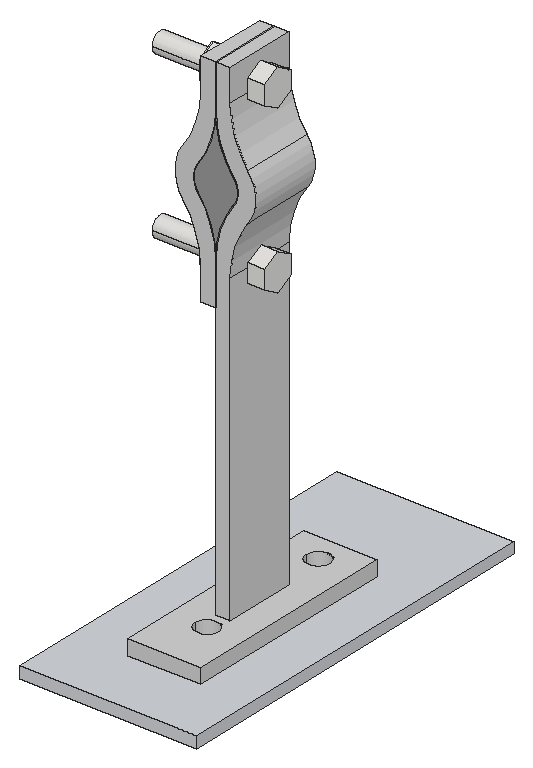
Revit family "КТС-Т015-33", category Оборудование, Revit 2018
Family settings
  Основа = Грань
  Размер круглого соединителя = Использовать диаметр
  Классификация = Нет
  Тип детали = Нормальный
  Номер OmniClass = 23.55.00.00
  Заголовок OmniClass = Manufactured Structures
  При загрузке вырезать с полостями = Нет
  Общий = Да
  Точка расчета площади = Нет
Parameters (values of type "Т001515")
  Спец.ТипМаркаОбозначДокумента [instance] = "КТ-Т015-33"
  Спец.Примечание [instance] = ""
  Спец.Позиция [instance] = ""
  Спец.НаименованиеИТехнХар [instance] = "KT-Т015-33 Кронштейн L-0.28 м для молниеприемников d-28-33 мм, нержавеющая сталь"
  Спец.МассаТекст [instance] = "1.37"
  Спец.КоличествоДеталей [instance] = 5  # constant formula
  Спец.Количество [instance] = 1  # constant formula
  Спец.КодОборудИзделияМатериала [instance] = "Т001515"
  Спец.Изготовитель [instance] = "АО «ТЭЗИЗ»"  # constant formula
  Спец.ЕдИзм [instance] = "шт."  # constant formula
  Default Elevation = 1219.2 mm
  Мтрл.ТипМатериала = Нержавеющая сталь
  ADSK_Этаж = ""
  ADSK_Примечание = ""
  ADSK_Материал обозначение = ""
  ADSK_Марка = ""
  ADSK_Зона = ""
  ADSK_URL страницы изделия = "http://www.teziz.ru/products.phtml?id=1320"
  ADSK_URL документации изделия = "http://www.teziz.ru/products.phtml?id=1320&p=2"
Types (3, lengths in mm): name | Спец.ТипМаркаОбозначДокумента | Спец.НаименованиеИТехнХар | Спец.МассаТекст | Спец.КодОборудИзделияМатериала | Мтрл.ТипМатериала
  (no name) | "КТ-Т015-33" | "KT-Т015-33 Кронштейн L-0.28 м для молниеприемников d-28-33 мм, нержавеющая сталь" | "1.37" | "Т001515" | Нержавеющая сталь
  Т001515 | "КТ-Т015-33" | "KT-Т015-33 Кронштейн L-0.28 м для молниеприемников d-28-33 мм, нержавеющая сталь" | "1.37" | "Т001515" | Нержавеющая сталь
  Т001532 | "КТС-Т015-33" | "KTС-Т015-33 Кронштейн L-0.28 м для молниеприемников d-28-33 мм, оцинкованная сталь" | "1.45" | "Т001532" | Оцинкованная сталь
Reference planes
  plane 1 "По центру (Вперед/Назад)": y = 0
  plane 2: z = 0
  plane 3 "По центру (Влево/Вправо)": x = 0
  plane 4: x = -20
  plane 5: x = 20
  plane 6: y = 60
  plane 7: y = -60
  plane 8: z = 8
  plane 9: y = 20
  plane 10: y = -20
  plane 11: x = -4
  plane 12: x = 4
  plane 13: x = -50
Forms (mm)
  Extrusion 1, solid
    sketch origin (0, 0, 0) x (1, 0, 0) y (0, 1, 0)
      loop
        line (-50, 120) -> (-50, -95.918) -> (46.652, -95.918) -> (46.652, 120) -> (-50, 120)
    from 0 to -6.18
  Extrusion 2, solid, material "Нержавеющая сталь"
    sketch origin (0, 0, 0) x (1, 0, 0) y (0, 1, 0)
      loop
        line (-20, 60) -> (-20, -60) -> (20, -60) -> (20, 60) -> (-20, 60)
      loop
        circle (0, 45) r 6.5
      loop
        circle (0, -30.784) r 6.5
    from 0 to 8
  Extrusion 3, solid, material "Нержавеющая сталь"
    sketch origin (59.175, 0, -6.042) x (1, 0, 0) y (0, 0, 1)
      loop
        line (-63.175, 284.042) -> (-71.175, 284.042) -> (-71.175, 266.704)
        arc (-71.175, 266.704) -> (-73.668, 251.113) -> (-80.898, 237.078) r 50
        arc (-80.898, 237.078) -> (-85.175, 224.042) -> (-80.898, 211.007) r 22
        arc (-80.898, 211.007) -> (-73.668, 196.971) -> (-71.175, 181.381) r 50
        line (-71.175, 181.381) -> (-71.175, 164.042) -> (-63.175, 164.042) -> (-63.175, 187.382)
        arc (-63.175, 187.382) -> (-65.656, 202.936) -> (-72.853, 216.947) r 50
        arc (-72.853, 216.947) -> (-75.175, 224.042) -> (-72.853, 231.138) r 12
        arc (-72.853, 231.138) -> (-65.656, 245.148) -> (-63.175, 260.703) r 50
        line (-63.175, 260.703) -> (-63.175, 284.042)
    from -20 to 20
  Extrusion 4, solid, material "Нержавеющая сталь"
    sketch origin (-23.175, 0, 5.958) x (-1, 0, 0) y (0, 0, -1)
      loop
        line (-19.175, -272.042) -> (-19.175, -248.703)
        arc (-19.175, -248.703) -> (-21.656, -233.148) -> (-28.853, -219.138) r 50
        arc (-28.853, -219.138) -> (-31.175, -212.042) -> (-28.853, -204.947) r 12
        arc (-28.853, -204.947) -> (-21.656, -190.936) -> (-19.175, -175.382) r 50
        line (-19.175, -175.382) -> (-19.175, -2.042) -> (-27.175, -2.042) -> (-27.175, -169.381)
        arc (-27.175, -169.381) -> (-29.668, -184.971) -> (-36.898, -199.007) r 50
        arc (-36.898, -199.007) -> (-41.175, -212.042) -> (-36.898, -225.078) r 22
        arc (-36.898, -225.078) -> (-29.668, -239.113) -> (-27.175, -254.704) r 50
        line (-27.175, -254.704) -> (-27.175, -272.042) -> (-19.175, -272.042)
    from -20 to 20
  Extrusion 5, void
    sketch origin (0, 0, 0) x (0, 1, 0) y (0, 0, 1)
      loop
        circle (0, 263) r 5.5
      loop
        circle (0, 173) r 5.5
    from -20 to 20
  Extrusion 6, solid, material "Сталь болтовая"
    sketch origin (0, 0, 0) x (0, 1, 0) y (0, 0, 1)
      loop
        circle (0, 263) r 5.5
      loop
        circle (0, 173) r 5.5
    from -50 to 4
  Extrusion 7, solid, material "Сталь болтовая"
    sketch origin (0, 0, 0) x (0, 1, 0) y (0, 0, 1)
      loop
        line (0, 253) -> (8.66, 258) -> (8.66, 268) -> (0, 273) -> (-8.66, 268) -> (-8.66, 258) -> (0, 253)
      loop
        circle (0, 263) r 5.5
      loop
        line (0, 163) -> (8.66, 168) -> (8.66, 178) -> (0, 183) -> (-8.66, 178) -> (-8.66, 168) -> (0, 163)
      loop
        circle (0, 173) r 5.5
    from -22.24 to -12
  Extrusion 8, solid, material "Сталь болтовая"
    sketch origin (50.953, 0, 0) x (0, 1, 0) y (0, 0, 1)
      loop
        line (0, 253) -> (8.66, 258) -> (8.66, 268) -> (0, 273) -> (-8.66, 268) -> (-8.66, 258) -> (0, 253)
      loop
        line (0, 163) -> (8.66, 168) -> (8.66, 178) -> (0, 183) -> (-8.66, 178) -> (-8.66, 168) -> (0, 163)
    from -46.953 to -36.953
  Sweep 9, void
    path origin (-22.24, 0, 0) x (0, 1, 0) y (0, 0, 1)
      loop
        line (-8.66, 268) -> (-8.66, 258) -> (0, 253) -> (8.66, 258) -> (8.66, 268) -> (0, 273) -> (-8.66, 268)
    profile origin (-22.24, -8.66, 263) x (0, -1, 0) y (1, 0, 0)
      loop
        line (-1.252, 0) -> (0, 0) -> (0, 1.252)
        arc (0, 1.252) -> (-0.367, 0.367) -> (-1.252, 0) r 1.252
  Sweep 10, void
    path origin (-22.24, 0, -90.009) x (0, 1, 0) y (0, 0, 1)
      loop
        line (-8.66, 268) -> (-8.66, 258) -> (0, 253) -> (8.66, 258) -> (8.66, 268) -> (0, 273) -> (-8.66, 268)
    profile origin (-22.24, -8.66, 172.991) x (0, -1, 0) y (1, 0, 0)
      loop
        line (-1.252, 0) -> (0, 0) -> (0, 1.252)
        arc (0, 1.252) -> (-0.367, 0.367) -> (-1.252, 0) r 1.252
  Sweep 11, void
    path origin (-22.24, 0, 0) x (0, 1, 0) y (0, 0, 1)
      loop
        line (-8.66, 178) -> (-8.66, 168) -> (0, 163) -> (8.66, 168) -> (8.66, 178) -> (0, 183) -> (-8.66, 178)
    profile origin (-22.24, -8.66, 173) x (0, -1, 0) y (1, 0, 0)
      loop
        line (-1.252, 0) -> (0, 0) -> (0, 1.252)
        arc (0, 1.252) -> (-0.367, 0.367) -> (-1.252, 0) r 1.252
  Extrusion 12, solid, material "Прозрачный элемент"
    sketch origin (-23.175, -20, 5.958) x (-1, 0, 0) y (0, 0, -1)
      loop
        arc (-9.498, -204.947) -> (-16.695, -190.936) -> (-19.175, -175.382) r 50
        arc (-19.175, -175.382) -> (-21.656, -190.936) -> (-28.853, -204.947) r 50
        arc (-28.853, -204.947) -> (-31.175, -212.042) -> (-28.853, -219.138) r 12
        arc (-28.853, -219.138) -> (-21.656, -233.148) -> (-19.175, -248.703) r 50
        arc (-19.175, -248.703) -> (-16.695, -233.148) -> (-9.498, -219.138) r 50
        arc (-9.498, -219.138) -> (-7.175, -212.042) -> (-9.498, -204.947) r 12
    from -40 to 0
Cuts and joins
  Extrusion 5 cuts Extrusion 4
  Extrusion 5 cuts Extrusion 3
  joined: Extrusion 6, Extrusion 8
  Sweep 9, Sweep 11 cuts Extrusion 7
Lines and regions (mm)
  model lines, style "InvisibleLines"
    curve 1: line (-16, -20, 218) -> (8, -20, 218)
    curve 2: line (-4, -20, 254.661) -> (-4, -20, 181.339)
    curve 3: line (-16, 20, 218) -> (8, 20, 218)
    curve 4: line (-4, 20, 254.661) -> (-4, 20, 181.339)
Dimensions and locks
  equal spacing: plane 4, plane 3 "По центру (Влево/Вправо)", plane 5
  plane 4 to plane 5 = 40 mm
  locked: plane 6 to Extrusion 2 sketch curve at 15
  plane 8 to plane 2 = 8 mm
  equal spacing: plane 6, plane 1 "По центру (Вперед/Назад)", plane 7
  plane 6 to plane 7 = 120 mm
  equal spacing: plane 12, plane 3 "По центру (Влево/Вправо)", plane 11
  equal spacing: plane 9, plane 1 "По центру (Вперед/Назад)", plane 10
  plane 13 to plane 5 = 70 mm
  cut or joined group of Extrusion 3, Extrusion 5 to level = 278 mm
  aligned and locked: plane 2 to Extrusion 1
  aligned and locked: level to Extrusion 1
  aligned and locked: Extrusion 2 sketch curve to plane 6
  aligned and locked: plane 4 to Extrusion 2 sketch curve
  aligned and locked: Extrusion 2 sketch curve to plane 7
  aligned and locked: Extrusion 2 sketch curve to plane 5
  aligned and locked: plane 8 to Extrusion 2
  aligned and locked: Extrusion 4 sketch curve to plane 8
  aligned and locked: plane 9 to Extrusion 3
  aligned and locked: plane 9 to Extrusion 4
  aligned and locked: Extrusion 4 to plane 10
  aligned and locked: Extrusion 3 to plane 10
  aligned and locked: Extrusion 5 to plane 4
  aligned and locked: plane 5 to Extrusion 5
  aligned and locked: plane 13 to Extrusion 6
  aligned and locked: cut or joined group of Extrusion 4, Extrusion 5 to Extrusion 12  (x2)
Automatic sketch dimensions
  Extrusion 1 sketch curve to Extrusion 1 sketch curve = 96.652 mm
  Extrusion 1 sketch curve to Extrusion 1 sketch curve = 215.918 mm
  Extrusion 2 sketch curve to plane 3 "По центру (Влево/Вправо)" = 0 mm  (x2)
  Extrusion 2 sketch curve to plane 10 = 10.784 mm
  Extrusion 3 sketch curve to Extrusion 3 sketch curve = 0 mm  (x4)
  Extrusion 3 sketch curve to plane 11 = 0 mm  (x3)
  Extrusion 3 sketch curve to Extrusion 3 sketch curve = 8 mm  (x4)
  plane 13 to Extrusion 3 sketch curve = 4 mm  (x2)
  plane 8 to Extrusion 3 sketch curve = 150 mm
  Extrusion 3 sketch curve to Extrusion 3 sketch curve = 17.339 mm  (x2)
  Extrusion 3 sketch curve to Extrusion 3 sketch curve = 6.001 mm  (x2)
  Extrusion 3 sketch curve to Extrusion 3 sketch curve = 36.661 mm  (x2)
  Extrusion 4 sketch curve to Extrusion 4 sketch curve = 0 mm  (x4)
  Extrusion 4 sketch curve to plane 12 = 0 mm  (x2)
  Extrusion 4 sketch curve to plane 11 = 0 mm  (x3)
  Extrusion 4 sketch curve to plane 5 = 26 mm  (x2)
  Extrusion 4 sketch curve to Extrusion 4 sketch curve = 8 mm  (x2)
  Extrusion 4 sketch curve to plane 8 = 167.339 mm
  Extrusion 4 sketch curve to Extrusion 4 sketch curve = 6.001 mm  (x2)
  Extrusion 4 sketch curve to Extrusion 4 sketch curve = 36.661 mm  (x2)
  Extrusion 4 sketch curve to Extrusion 4 sketch curve = 17.339 mm
  Extrusion 5 sketch curve to plane 1 "По центру (Вперед/Назад)" = 0 mm  (x2)
  plane 8 to Extrusion 5 sketch curve = 165 mm
  Extrusion 5 sketch curve to Extrusion 5 sketch curve = 90 mm
  Extrusion 6 sketch curve to Extrusion 6 sketch curve = 0 mm  (x4)
  Extrusion 6 sketch curve to plane 1 "По центру (Вперед/Назад)" = 0 mm  (x2)
  plane 8 to Extrusion 6 sketch curve = 165 mm
  Extrusion 6 sketch curve to Extrusion 6 sketch curve = 90 mm
  plane 1 "По центру (Вперед/Назад)" to Extrusion 6 sketch curve = 5.5 mm  (x2)
  Extrusion 7 sketch curve to plane 1 "По центру (Вперед/Назад)" = 0 mm  (x6)
  plane 1 "По центру (Вперед/Назад)" to Extrusion 7 sketch curve = 8.66 mm  (x2)
  Extrusion 7 sketch curve to plane 1 "По центру (Вперед/Назад)" = 8.66 mm  (x2)
  plane 8 to Extrusion 7 sketch curve = 155 mm
  Extrusion 7 sketch curve to Extrusion 7 sketch curve = 5 mm  (x10)
  Extrusion 7 sketch curve to Extrusion 7 sketch curve = 10 mm  (x2)
  Extrusion 7 sketch curve to Extrusion 7 sketch curve = 70 mm
  Extrusion 8 sketch curve to plane 1 "По центру (Вперед/Назад)" = 0 mm  (x4)
  plane 1 "По центру (Вперед/Назад)" to Extrusion 8 sketch curve = 8.66 mm  (x2)
  Extrusion 8 sketch curve to plane 1 "По центру (Вперед/Назад)" = 8.66 mm  (x2)
  plane 8 to Extrusion 8 sketch curve = 155 mm
  Extrusion 8 sketch curve to Extrusion 8 sketch curve = 5 mm  (x6)
  Extrusion 8 sketch curve to Extrusion 8 sketch curve = 10 mm  (x4)
  Extrusion 8 sketch curve to Extrusion 8 sketch curve = 70 mm
  Sweep 9 sketch curve to Extrusion 7 = 0 mm  (x8)
  Extrusion 7 to Sweep 9 sketch curve = 0 mm  (x2)
  Sweep 9 sketch curve to profile plane = 0 mm  (x2)
  Sweep 9 sketch curve to Sweep 9 sketch curve = 1.252 mm
  Sweep 10 sketch curve to Extrusion 7 = 0 mm  (x2)
  Extrusion 7 to Sweep 10 sketch curve = 8.66 mm  (x2)
  Sweep 10 sketch curve to Extrusion 7 = 0.008 mm
  Sweep 10 sketch curve to Sweep 10 sketch curve = 5 mm  (x3)
  Sweep 10 sketch curve to Sweep 10 sketch curve = 10 mm  (x2)
  Sweep 10 sketch curve to profile plane = 0 mm  (x2)
  profile plane to Sweep 10 sketch curve = 1.252 mm
  Sweep 11 sketch curve to Extrusion 7 = 0 mm  (x8)
  Extrusion 7 to Sweep 11 sketch curve = 0 mm  (x2)
  Sweep 11 sketch curve to profile plane = 0 mm  (x2)
  Sweep 11 sketch curve to Sweep 11 sketch curve = 1.252 mm
  curve 2 to Extrusion 4 = 0 mm
  curve 1 to Extrusion 4 = 4 mm
  curve 1 to Extrusion 4 = 12 mm
  curve 2 to curve 1 = 36.661 mm
  Extrusion 4 to curve 2 = 23.339 mm
  curve 1 to curve 2 = 36.661 mm
  Extrusion 4 to curve 3 = 4 mm
  curve 4 to Extrusion 4 = 96.661 mm
  curve 3 to curve 4 = 12 mm
  curve 3 to curve 3 = 24 mm
  curve 4 to curve 3 = 36.661 mm
  curve 4 to Extrusion 4 = 23.339 mm
  Extrusion 12 sketch curve to Extrusion 4 = 1.677 mm
  Extrusion 12 sketch curve to Extrusion 4 = 9.677 mm  (x2)
  Extrusion 12 sketch curve to Extrusion 4 = 0 mm  (x3)
  Extrusion 4 to Extrusion 12 sketch curve = 23.339 mm
  Extrusion 12 sketch curve to Extrusion 4 = 42 mm
  Extrusion 12 sketch curve to Extrusion 12 sketch curve = 50 mm
  radius of Extrusion 2 sketch curve = 6.5 mm  (x2)
  radius of Extrusion 5 sketch curve = 5.5 mm  (x2)
  radius of Extrusion 7 sketch curve = 5.5 mm  (x2)
  radius of Extrusion 12 sketch curve to Extrusion 4 = 0 mm  (x3)
